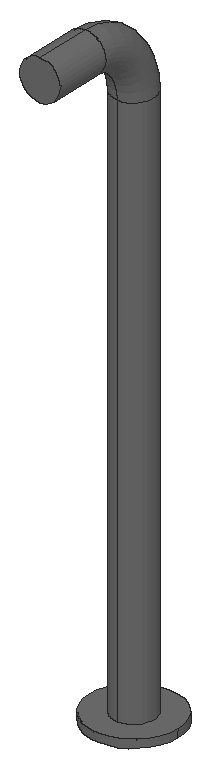
Revit family "4-ALMA-BSSARM-Mira Curved Shower Arm-Finish", category Plumbing Fixtures, host Face, Revit 2022
Family settings
  Host = Face
  Round Connector Dimension = Use Diameter
  Part Type = Normal
  Cut with Voids When Loaded = No
  Maintain Annotation Orientation = No
  Shared = No
  Room Calculation Point = No
Parameters (values of type "MATTE BLACK")
  URL = "https://www.buildmat.com.au/products/mira-matte-black-curved-shower-arm"
  Model = "BSSARMMB"
  Material = _BM_MATTE BLACK
  Manufacturer = "BUILDMAT"
  Default Elevation = 1219.2 mm
  Cost = 109
Types (4, lengths in mm): name | URL | Model | Material
  BRUSHED BRASS GOLD | "https://www.buildmat.com.au/products/mira-brushed-brass-gold-curved-shower-arm" | "BSSARMGD" | _BM_BRUSHED BRASS GOLD
  BRUSHED GUNMETAL | "https://www.buildmat.com.au/products/mira-brushed-gunmetal-curved-shower-arm" | "BSSARMGM" | _BM_BRUSHED GUNMETAL
  BRUSHED NICKEL | "https://www.buildmat.com.au/products/mira-brushed-nickel-curved-shower-arm" | "BSSARMBN" | _BM_BRUSHED NICKEL
  MATTE BLACK | "https://www.buildmat.com.au/products/mira-matte-black-curved-shower-arm" | "BSSARMMB" | _BM_MATTE BLACK
Reference planes
  plane 1 "Centro (Frontal/Posterior)": y = 0
  plane 2: z = 0
  plane 3 "Centro (Izquierda/Derecha)": x = 0
  plane 4 "Top": y = 27.5
  plane 5 "Bottom": y = -27.5
  plane 6 "Left": x = -27.5
  plane 7 "Right": x = 27.5
  plane 8: y = -72.5
  plane 9: z = 5
  plane 10 "Back": z = 0
  plane 11 "Front": z = 400
Forms (mm)
  Extrusion 1, solid, material "_BM_MATTE BLACK" <- "Material"
    sketch origin (0, 0, 0) x (1, 0, 0) y (0, 1, 0)
      loop
        circle (0, 0) r 27.5
    from 0 to 5
  Sweep 2, solid, material "_BM_MATTE BLACK" <- "Material"
    path origin (0, 0, 0) x (0, 1, 0) y (0, 0, 1)
      loop
        line (0, 5) -> (0, 350)
        arc (0, 350) -> (-10.983, 376.517) -> (-37.5, 387.5) r 37.5
        line (-37.5, 387.5) -> (-72.5, 387.5)
    profile origin (0, 0, 177.5) x (0, -1, 0) y (1, 0, 0)
      loop
        circle (0, 0) r 12.5
Cuts and joins
  joined: Extrusion 1, Sweep 2
Dimensions and locks
  equal spacing: plane 4 "Top", plane 1 "Centro (Frontal/Posterior)", plane 5 "Bottom"
  plane 4 "Top" to plane 5 "Bottom" = 55 mm
  equal spacing: plane 6 "Left", plane 3 "Centro (Izquierda/Derecha)", plane 7 "Right"
  plane 6 "Left" to plane 7 "Right" = 55 mm
  plane 4 "Top" to plane 8 = 100 mm
  level to plane 10 "Back" = 0 mm
  plane 10 "Back" to plane 9 = 5 mm
  plane 10 "Back" to plane 11 "Front" = 400 mm
  aligned and locked: plane 2 to host face
  aligned and locked: level to host face
  aligned and locked: plane 10 "Back" to Extrusion 1
  aligned and locked: Extrusion 1 to plane 9
  aligned and locked: Sweep 2 sketch curve to plane 1 "Centro (Frontal/Posterior)"
  aligned and locked: plane 8 to Sweep 2 sketch curve
  aligned and locked: plane 9 to Sweep 2 sketch curve
Automatic sketch dimensions
  host sketch curve to host sketch curve = 2438.4 mm  (x2)
  plane 1 "Centro (Frontal/Posterior)" to Extrusion 1 sketch curve = 0 mm
  Extrusion 1 sketch curve to plane 3 "Centro (Izquierda/Derecha)" = 0 mm
  plane 11 "Front" to Sweep 2 sketch curve = 12.5 mm
  plane 8 to Sweep 2 sketch curve = 35 mm
  Sweep 2 sketch curve to plane 3 "Centro (Izquierda/Derecha)" = 0 mm
  Sweep 2 sketch curve to profile plane = 0 mm
  radius of Extrusion 1 sketch curve = 27.5 mm
  radius of Sweep 2 sketch curve = 12.5 mm
